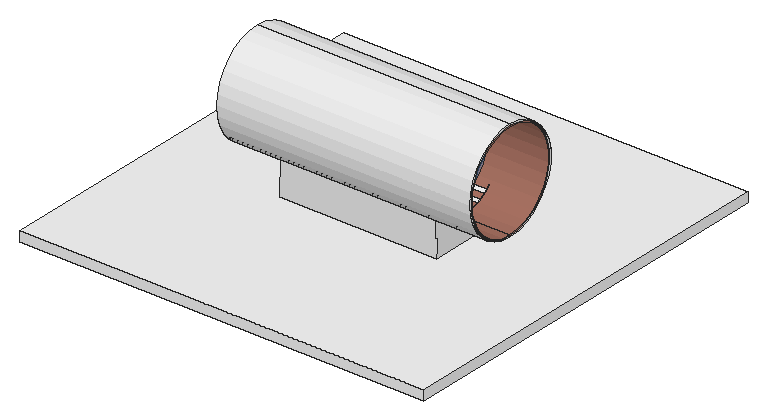
Revit family "BE_51144.6_de_DE", category Leuchten, Revit 2020
Family settings
  Basisbauteil = Fläche
  Bemaßung runder Anschluss = Durchmesser verwenden
  Teiletyp = Normal
  Beim Laden mit Abzugskörper schneiden = Ja
  Lichtquelle = Ja
  Gemeinsam genutzt = Nein
  Raumberechnungspunkt = Ja
Parameters (values of type "BEGA_51144.6_K3")
  built-in parameter 1150104 = 12.727 (stored number, unit not read)
  Wattage = 24.6 W
  Default Elevation = 0 mm
  built-in parameter 1150113 = 1 (stored number, unit not read)
  built-in parameter 1114218 = 1 (stored number, unit not read)
  Umgebungstemperatur = "25 °C"
  URL = "https://www.bega.com/de/produkt/51144.6"
  Typenkommentare = "© 2023 BEGA. Wir behalten uns das Recht vor, technische Änderungen ohne vorherige Ankündigung vorzunehmen."  # constant formula
  built-in parameter 1150134 = (empty or 0)
  built-in parameter 1150109 = 1 (stored number, unit not read)
  Strom = ""
  built-in parameter 1150110 = 1 (stored number, unit not read)
  Spannung = 239.996 V
  Sonderanfertigung = no
  Seriennummer [instance] = "Hier können Sie die eindeutige Seriennummer für das Facility Management eintragen."
  Schutzklasse = "I"
  Schutzart = "IP 20"
  Scheinlast = 0 VA
  Produktdatenblatt = "https://cdn.bega.com/bega/products/51144.6K3/current/documents/data-sheets/de"
  Oberflächentemperatur = ""
  Neigungswinkel = 0.00°
  Modell = "51144.6K3"
  Material_34 = BEGA_Oberfläche_Samtweiss_matt
  Material_29 = BEGA_Oberfläche_Kupfer_matt
  Material_22 = BEGA_Oberfläche_Aluminium_matt
  Material_15 = BEGA_Leuchtmedium_matt
  Material_13 = BEGA_Kunststoff_matt
  M_W = no
  M_G = no
  M_A = no
  Logo = 0
  built-in parameter 1114217 = 1 (stored number, unit not read)
  built-in parameter 1150139 = (empty or 0)
  built-in parameter 1150105 = 268.17 (stored number, unit not read)
  built-in parameter 1150114 = 1 (stored number, unit not read)
  Lumens = 3369.95 lm
  built-in parameter 1150115 = 1 (stored number, unit not read)
  Leuchtenlichtstrom = "1120 lm"
  Leuchtenanzahl = ""
  Lebensdauerkriterien = "L70B50 @ 25 °C = 130000 h"
  Lastklassifizierung = Beleuchtung
  built-in parameter 1150112 = 1 (stored number, unit not read)
  Lampenlichtstrom = "3370 lm"
  Lampe = "LED 24.6 W"
  LED_Modulbezeichnung = "2x LED-0986/930"
  Hersteller = "BEGA"  # constant formula
  Halbstreuwinkel = ""
  Gewicht = "1.15 kg"
  Gebrauchslageneinschränkung [instance] = ""
  Frequenz = "0/50-60 Hz"
  Farbwiedergabeindex = "CRI > 80"
  Farbtemperaturverschiebung bei Dämpfen der Lampe = <Keine Auswahl>
  Farbtemperatur = "3000 K"
  Color Filter = 16777215
  built-in parameter 1150133 = 10 (stored number, unit not read)
  Energieeffizienzklasse = "LED A++ - A"
  built-in parameter 1150137 = (empty or 0)
  built-in parameter 1150132 = (empty or 0)
  ENEC = ""
  Dimmbar [instance] = "DALI"
  Datei für fotometrisches Netz = "BE_51144-6K3.ies"
  CE_Konformität = "ja"
  Bestellnummer = "51144.6K3"
  Beschreibung_Sonderanfertigung = "Hier können Sie Informationen zur Sonderanfertigung eintragen."
  Beschreibung = "Wandleuchte"
  built-in parameter 1150106 = 2.6817 (stored number, unit not read)
  Befestigungsbohrung = "Ø 4,5 mm"
  Befestigungsabstand = "90 x 38 mm"
  Ballwurfsicher = ""
  BEGA_Intern_aus = yes
  BEGA_Intern_an = yes
  BEGA_Intern_Konstruktion = yes
  BEGA_Intern = yes
  BEGA_IES = yes
  BEGA_Dummy = no
  Anschlussleitung = ""
  Anschlussleistung [instance] = "28 W"
  Anschlusskasten = ""
  built-in parameter 1150107 = 3000 (stored number, unit not read)
  built-in parameter 1150102 = (empty or 0)
  built-in parameter 1150138 = (empty or 0)
  Aktualisierung = "2023-01-11T04:00:03"
  Abstand_zur_angestrahlten_Fläche [instance] = ""
  AC/DC = "AC/DC"
Reference planes
  plane 1 "Mitte (Vorne/Hinten)": y = 0
  plane 2: z = 0
  plane 3 "Mitte (Links/Rechts)": x = 0
  plane 4 "Links": x = -125
  plane 5 "Rechts": x = 125
  plane 6 "Unten": y = -50.058
  plane 7 "Oben": y = 50.058
  plane 8 "Vorne": z = 121
  plane 9 "Hinten": z = 0
Forms (mm)
  Extrusion 1, solid, material "BEGA_Platte_Weiss"
    sketch origin (0, -1119.2, 0) x (1, 0, 0) y (0, 1, 0)
      loop
        line (-200, 1319.2) -> (-200, 919.2) -> (200, 919.2) -> (200, 1319.2) -> (-200, 1319.2)
    from 0 to -10
  Extrusion 2, solid, material "BEGA_Dummy_matt", visible <- "BEGA_Dummy"
    sketch origin (80.095, -76.023, 0) x (1, 0, 0) y (0, 1, 0)
      loop
        line (-205.095, 126.082) -> (-205.095, 25.965) -> (44.905, 25.965) -> (44.905, 126.082) -> (-205.095, 126.082)
    from 0 to 121
Dimensions and locks
  plane 1 "Mitte (Vorne/Hinten)" to Extrusion 1 = 200 mm
  aligned and locked: Extrusion 1 to plane 2
  aligned and locked: level to Extrusion 1
Nested families
  nested 1: "BE_51144.6_Leuchte" at (0, 0, 0), type "BE_51144.6_Leuchte"
Connectors
  electrical at (0, 0, 0), driven by "Lastklassifizierung", driven by "Spannung", driven by "Scheinlast"
    settings: index 1, voltage 239.996 V, apparent load 0 VA, apparent load phase1 0 VA, apparent load phase2 0 VA, apparent load phase3 0 VA, power factor 1, load classification "Beleuchtung", number of poles 1, system type 31, power factor state 1, is connector primary yes, connector utility no, sub classification motor no, connector description ""
Definition of nested family "BE_51144.6_Leuchte"
  Parameters (values of type "BE_51144.6_Leuchte")
    Default Elevation = 1 mm
    URL = "http://www.bega.de/de/produkt"
    Type Comments = "© 2015 BEGA. Wir behalten uns das Recht vor, technische Änderungen ohne vorherige Ankündigung vorzunehmen. "  # constant formula
    Type Image = (empty or 0)
    Material_34 = none
    Material_29 = none
    Material_22 = none
    Material_15 = none
    Material_13 = none
    Länge_Platte = 200 mm  # constant formula
    Höhe_Platte = -10 mm  # constant formula
    Manufacturer = "BEGA"  # constant formula
    Breite_Platte = 200 mm  # constant formula
  Reference planes
    plane 1 "Mitte (Oben/Unten)": y = 0
    plane 2: z = 0
    plane 3 "Mitte (Links/Rechts)": x = 0
    plane 4: x = 125
    plane 5: x = -125
    plane 6: z = 121
    plane 7: z = 0
    plane 8: z = 0
    plane 9: y = -50.058
    plane 10: y = 50.058
  Forms (mm)
    Extrusion 1, solid, detail levels medium
      sketch origin (0, 0, 0) x (1, 0, 0) y (0, 1, 0)
        loop
          line (-100, 100) -> (-100, -100) -> (100, -100) -> (100, 100) -> (-100, 100)
      from 0 to -10 <- "Höhe_Platte"
    Extrusion 2, solid
      sketch origin (0, 0, 0) x (1, 0, 0) y (0, 0, 1)
        loop
          line (62.457, 5.5) -> (-65.543, 5.5) -> (-70.493, 10.45) -> (-71.907, 9.036) -> (-66.957, 4.086)
          arc (-66.957, 4.086) -> (-66.308, 3.652) -> (-65.543, 3.5) r 2
          line (-65.543, 3.5) -> (-61.043, 3.5) -> (-59.828, 1.097)
          arc (-59.828, 1.097) -> (-59.09, 0.296) -> (-58.043, 0) r 2
          line (-58.043, 0) -> (-54.043, 0)
          arc (-54.043, 0) -> (-52.992, 0.299) -> (-52.254, 1.105) r 2
          line (-52.254, 1.105) -> (-51.043, 3.5) -> (47.957, 3.5) -> (49.172, 1.097)
          arc (49.172, 1.097) -> (49.909, 0.296) -> (50.957, 0) r 2
          line (50.957, 0) -> (54.957, 0)
          arc (54.957, 0) -> (56.005, 0.296) -> (56.742, 1.097) r 2
          line (56.742, 1.097) -> (57.957, 3.5) -> (62.457, 3.5)
          arc (62.457, 3.5) -> (63.226, 3.654) -> (63.877, 4.092) r 2
          line (63.877, 4.092) -> (69.421, 9.636) -> (68.007, 11.05) -> (62.457, 5.5)
      from -28.034 to 28.034
    Extrusion 3, void
      sketch origin (0, 0, 0) x (1, 0, 0) y (0, 1, 0)
        loop
          arc (41.043, 7.018) -> (35.534, 12.5) -> (30.043, 7) r 5.5
          line (30.043, 7) -> (30.043, -7)
          arc (30.043, -7) -> (35.552, -12.5) -> (41.043, -6.982) r 5.5
          line (41.043, -6.982) -> (41.043, 7.018)
        loop
          arc (49.293, -17.25) -> (47.043, -15) -> (44.793, -17.25) r 2.25
          line (44.793, -17.25) -> (44.793, -20.75)
          arc (44.793, -20.75) -> (47.043, -23) -> (49.293, -20.75) r 2.25
          line (49.293, -20.75) -> (49.293, -17.25)
        loop
          arc (-44.207, 21.25) -> (-46.457, 19) -> (-44.207, 16.75) r 2.25
          line (-44.207, 16.75) -> (-40.707, 16.75)
          arc (-40.707, 16.75) -> (-38.457, 19) -> (-40.707, 21.25) r 2.25
          line (-40.707, 21.25) -> (-44.207, 21.25)
      from 0 to 11.05
    Extrusion 4, solid
      sketch origin (0, 0, 0) x (1, 0, 0) y (0, 0, 1)
        loop
          line (78.36, 0) -> (77.7, 37.817) -> (-75.7, 37.817) -> (-76.36, 0) -> (-73.221, 0) -> (-72.569, 18.662) -> (72.959, 18.662) -> (73.611, 0) -> (78.36, 0)
      from -32.994 to 32.954
    Extrusion 5, solid
      sketch origin (0, 0, 0) x (1, 0, 0) y (0, 0, 1)
        loop
          line (72.959, 18.662) -> (-72.569, 18.662) -> (-73.221, 0) -> (73.611, 0) -> (72.959, 18.662)
      from -32.994 to -30.064
    Extrusion 6, solid
      sketch origin (0, 0, 0) x (1, 0, 0) y (0, 0, -1)
        loop
          line (72.959, -18.662) -> (73.611, 0) -> (-73.221, 0) -> (-72.569, -18.662) -> (72.959, -18.662)
      from -32.954 to -30.064
    Revolve 7, solid, material <- "Material_29"
      sketch origin (0, 0, 0) x (1, 0, 0) y (0, 0, 1)
        loop
          line (125, 21.954) -> (125, 23) -> (-125, 23) -> (-125, 21.954) -> (125, 21.954)
        axis (125, 71) -> (-125, 71)
      angle from 0 to 360
    Revolve 8, solid, material <- "Material_34"
      sketch origin (0, 0, 0) x (1, 0, 0) y (0, 0, 1)
        loop
          line (-125, 21) -> (125, 21) -> (125, 21.953) -> (-125, 21.953) -> (-125, 21)
        axis (125, 71) -> (-125, 71)
      angle from 0 to 360
    Extrusion 9, void
      sketch origin (0, 0, 0) x (0, 1, 0) y (0, 0, 1)
        loop
          circle (0, 71) r 48
      from 0 to 250
    Extrusion 10, void
      sketch origin (0, 0, 0) x (0, 1, 0) y (0, 0, 1)
        loop
          circle (0, 71) r 48
      from -125 to 125
    Extrusion 11, solid, material <- "Material_22"
      sketch origin (0, 0, 0.06) x (0, 1, 0) y (0, 0, 1)
        loop
          arc (15, 106.127) -> (0, 109.213) -> (-15, 106.127) r 38
          line (-15, 106.127) -> (-15, 59.162) -> (-22.5, 59.162)
          arc (-22.5, 59.162) -> (-24.621, 58.283) -> (-25.5, 56.162) r 3
          line (-25.5, 56.162) -> (-25.5, 42.162)
          arc (-25.5, 42.162) -> (-24.621, 40.04) -> (-22.5, 39.162) r 3
          line (-22.5, 39.162) -> (-22.5, 28.6)
          arc (-22.5, 28.6) -> (-11.593, 24.421) -> (0, 23) r 48
          arc (0, 23) -> (11.593, 24.421) -> (22.5, 28.6) r 48
          line (22.5, 28.6) -> (22.5, 39.162)
          arc (22.5, 39.162) -> (24.621, 40.04) -> (25.5, 42.162) r 3
          line (25.5, 42.162) -> (25.5, 56.162)
          arc (25.5, 56.162) -> (24.621, 58.283) -> (22.5, 59.162) r 3
          line (22.5, 59.162) -> (15, 59.162) -> (15, 106.127)
      from 50.5 to 53.5
    Extrusion 12, solid, material <- "Material_22"
      sketch origin (0, 0, 0.06) x (0, 1, 0) y (0, 0, -1)
        loop
          line (15, -106.127) -> (15, -59.162) -> (22.5, -59.162)
          arc (22.5, -59.162) -> (24.621, -58.283) -> (25.5, -56.162) r 3
          line (25.5, -56.162) -> (25.5, -42.162)
          arc (25.5, -42.162) -> (24.621, -40.04) -> (22.5, -39.162) r 3
          line (22.5, -39.162) -> (22.5, -28.6)
          arc (22.5, -28.6) -> (11.593, -24.421) -> (0, -23) r 48
          arc (0, -23) -> (-11.593, -24.421) -> (-22.5, -28.6) r 48
          line (-22.5, -28.6) -> (-22.5, -39.162)
          arc (-22.5, -39.162) -> (-24.621, -40.04) -> (-25.5, -42.162) r 3
          line (-25.5, -42.162) -> (-25.5, -56.162)
          arc (-25.5, -56.162) -> (-24.621, -58.283) -> (-22.5, -59.162) r 3
          line (-22.5, -59.162) -> (-15, -59.162) -> (-15, -106.127)
          arc (-15, -106.127) -> (0, -109.213) -> (15, -106.127) r 38
      from 50.5 to 53.5
    Revolve 13, solid, material <- "Material_15"
      sketch origin (0, 0, 0) x (1, 0, 0) y (0, 0, 1)
        loop
          line (-55.05, 71) -> (-53.5, 71) -> (-53.5, 76) -> (-55.05, 76) -> (-55.05, 71)
        axis (-53.5, 71) -> (-55.05, 71)
      angle from 0 to 360
    Revolve 14, solid, material <- "Material_15"
      sketch origin (0, 0, 0) x (-1, 0, 0) y (0, 0, 1)
        loop
          line (-55.05, 71) -> (-53.5, 71) -> (-53.5, 76) -> (-55.05, 76) -> (-55.05, 71)
        axis (-53.5, 71) -> (-55.05, 71)
      angle from 0 to 360
    Revolve 15, solid, material <- "Material_13"
      sketch origin (0, 0, 0) x (1, 0, 0) y (0, 0, 1)
        loop
          line (65.5, 118.5) -> (60.5, 118.5) -> (60.5, 71) -> (65.5, 71) -> (65.5, 118.5)
        axis (65.5, 71) -> (60.5, 71)
      angle from 0 to 360
    Revolve 16, solid, material <- "Material_13"
      sketch origin (0, 0, 0) x (-1, 0, 0) y (0, 0, 1)
        loop
          line (65.5, 118.5) -> (60.5, 118.5) -> (60.5, 71) -> (65.5, 71) -> (65.5, 118.5)
        axis (65.5, 71) -> (60.5, 71)
      angle from 0 to 360
  Cuts and joins
    Extrusion 3 cuts Extrusion 2
    Extrusion 9, Extrusion 10 cuts Extrusion 4
    Extrusion 9, Extrusion 10 cuts Extrusion 5
    Extrusion 9, Extrusion 10 cuts Extrusion 6
    joined: Extrusion 4, Extrusion 5, Extrusion 6
    Extrusion 9, Extrusion 10 cuts Revolve 7
  Dimensions and locks
    equal spacing: Extrusion 1 sketch curve, plane 3 "Mitte (Links/Rechts)", Extrusion 1 sketch curve
    equal spacing: Extrusion 1 sketch curve, plane 1 "Mitte (Oben/Unten)", Extrusion 1 sketch curve
    "Länge_Platte": Extrusion 1 sketch curve to Extrusion 1 sketch curve
    "Breite_Platte": Extrusion 1 sketch curve to Extrusion 1 sketch curve
    plane 1 "Mitte (Oben/Unten)" to Extrusion 1 = 100 mm  (x3)
    aligned and locked: plane 2 to Extrusion 1
    aligned and locked: level to Extrusion 1
  Automatic sketch dimensions
    Extrusion 2 sketch curve to level = 0 mm  (x2)
    level to Extrusion 2 sketch curve = 9.036 mm
    Extrusion 2 sketch curve to plane 3 "Mitte (Links/Rechts)" = 71.907 mm
    level to Extrusion 2 sketch curve = 10.45 mm
    Extrusion 2 sketch curve to Extrusion 2 sketch curve = 1.414 mm  (x3)
    Extrusion 2 sketch curve to Extrusion 2 sketch curve = 4.95 mm
    Extrusion 2 sketch curve to Extrusion 2 sketch curve = 0 mm  (x7)
    Extrusion 2 sketch curve to Extrusion 2 sketch curve = 4.5 mm  (x2)
    Extrusion 2 sketch curve to Extrusion 2 sketch curve = 3 mm  (x3)
    level to Extrusion 2 sketch curve = 2 mm
    Extrusion 2 sketch curve to Extrusion 2 sketch curve = 4 mm  (x2)
    level to Extrusion 2 sketch curve = 1.105 mm
    level to Extrusion 2 sketch curve = 3.5 mm
    Extrusion 2 sketch curve to Extrusion 2 sketch curve = 1.211 mm
    plane 3 "Mitte (Links/Rechts)" to Extrusion 2 sketch curve = 47.957 mm
    level to Extrusion 2 sketch curve = 4.092 mm
    Extrusion 2 sketch curve to Extrusion 2 sketch curve = 1.42 mm
    level to Extrusion 2 sketch curve = 11.05 mm
    Extrusion 2 sketch curve to Extrusion 2 sketch curve = 5.55 mm
    level to Extrusion 2 sketch curve = 9.636 mm
    Extrusion 2 sketch curve to Extrusion 2 sketch curve = 2 mm  (x4)
    Extrusion 2 sketch curve to Extrusion 2 sketch curve = 1.5 mm  (x2)
    level to Extrusion 2 sketch curve = 4.086 mm
    level to Extrusion 2 sketch curve = 1.097 mm  (x4)
    Extrusion 2 sketch curve to Extrusion 2 sketch curve = 1.785 mm  (x2)
    Extrusion 3 sketch curve to plane 1 "Mitte (Oben/Unten)" = 16.75 mm
    Extrusion 3 sketch curve to plane 3 "Mitte (Links/Rechts)" = 44.207 mm
    Extrusion 3 sketch curve to Extrusion 3 sketch curve = 3.5 mm  (x2)
    Extrusion 3 sketch curve to plane 1 "Mitte (Oben/Unten)" = 7 mm
    plane 3 "Mitte (Links/Rechts)" to Extrusion 3 sketch curve = 30.043 mm
    Extrusion 3 sketch curve to Extrusion 3 sketch curve = 5.5 mm  (x3)
    Extrusion 3 sketch curve to Extrusion 3 sketch curve = 3.75 mm
    Extrusion 3 sketch curve to Extrusion 3 sketch curve = 2.25 mm  (x2)
    plane 1 "Mitte (Oben/Unten)" to Extrusion 3 sketch curve = 6.982 mm
    Extrusion 3 sketch curve to Extrusion 3 sketch curve = 10.268 mm
    Extrusion 4 sketch curve to level = 0 mm  (x2)
    Extrusion 4 sketch curve to plane 3 "Mitte (Links/Rechts)" = 76.36 mm
    level to Extrusion 4 sketch curve = 37.817 mm
    Extrusion 4 sketch curve to Extrusion 4 sketch curve = 0.66 mm
    Extrusion 4 sketch curve to Extrusion 4 sketch curve = 3.14 mm
    level to Extrusion 4 sketch curve = 18.662 mm
    Extrusion 4 sketch curve to Extrusion 4 sketch curve = 0.652 mm  (x2)
    plane 3 "Mitte (Links/Rechts)" to Extrusion 4 sketch curve = 72.959 mm
    Extrusion 4 sketch curve to Extrusion 4 sketch curve = 4.741 mm
    Extrusion 4 sketch curve to Extrusion 4 sketch curve = 4.749 mm
    Extrusion 5 sketch curve to level = 0 mm
    Extrusion 5 sketch curve to plane 3 "Mitte (Links/Rechts)" = 73.221 mm
    Extrusion 5 sketch curve to Extrusion 5 sketch curve = 0.652 mm  (x2)
    level to Extrusion 5 sketch curve = 18.662 mm
    plane 3 "Mitte (Links/Rechts)" to Extrusion 5 sketch curve = 72.959 mm
    Extrusion 6 sketch curve to level = 0 mm
    Extrusion 6 sketch curve to plane 3 "Mitte (Links/Rechts)" = 73.221 mm
    Extrusion 6 sketch curve to Extrusion 6 sketch curve = 0.652 mm  (x2)
    level to Extrusion 6 sketch curve = 18.662 mm
    plane 3 "Mitte (Links/Rechts)" to Extrusion 6 sketch curve = 72.959 mm
    level to Revolve 7 sketch curve = 21.954 mm
    Revolve 7 sketch curve to plane 3 "Mitte (Links/Rechts)" = 125 mm
    plane 3 "Mitte (Links/Rechts)" to Revolve 7 sketch curve = 125 mm
    Revolve 7 sketch curve to Revolve 7 sketch curve = 1.046 mm
    Revolve 7 sketch curve to Revolve 7 sketch curve = 2 mm  (x2)
    Revolve 7 sketch curve to Revolve 7 sketch curve = 48 mm
    level to Revolve 8 sketch curve = 21 mm
    Revolve 8 sketch curve to plane 3 "Mitte (Links/Rechts)" = 125 mm
    plane 3 "Mitte (Links/Rechts)" to Revolve 8 sketch curve = 125 mm
    Revolve 8 sketch curve to Revolve 8 sketch curve = 0.953 mm
    Revolve 8 sketch curve to Revolve 8 sketch curve = 2 mm  (x2)
    Revolve 8 sketch curve to Revolve 8 sketch curve = 49.047 mm
    Extrusion 9 sketch curve to Extrusion 9 sketch curve = 0 mm  (x2)
    Extrusion 9 sketch curve to plane 1 "Mitte (Oben/Unten)" = 0 mm
    level to Extrusion 9 sketch curve = 71 mm
    level to Extrusion 9 sketch curve = 23 mm
    Extrusion 10 sketch curve to Extrusion 10 sketch curve = 0 mm  (x2)
    Extrusion 10 sketch curve to plane 1 "Mitte (Oben/Unten)" = 0 mm
    level to Extrusion 10 sketch curve = 71 mm
    level to Extrusion 10 sketch curve = 23 mm
    Extrusion 11 sketch curve to Extrusion 11 sketch curve = 0 mm  (x3)
    Extrusion 11 sketch curve to plane 1 "Mitte (Oben/Unten)" = 0 mm  (x2)
    plane 1 "Mitte (Oben/Unten)" to Extrusion 11 sketch curve = 15 mm
    Extrusion 11 sketch curve to Extrusion 11 sketch curve = 7.5 mm  (x3)
    Extrusion 11 sketch curve to Extrusion 11 sketch curve = 3 mm  (x2)
    Extrusion 11 sketch curve to plane 1 "Mitte (Oben/Unten)" = 15 mm
    level to Extrusion 11 sketch curve = 28.66 mm
    Extrusion 11 sketch curve to Extrusion 11 sketch curve = 10.561 mm  (x2)
    Extrusion 11 sketch curve to Extrusion 11 sketch curve = 14 mm  (x2)
    Extrusion 11 sketch curve to Extrusion 11 sketch curve = 11.838 mm
    Extrusion 11 sketch curve to Extrusion 11 sketch curve = 0.213 mm
    Extrusion 11 sketch curve to Extrusion 11 sketch curve = 34.914 mm
    Extrusion 12 sketch curve to Extrusion 12 sketch curve = 0 mm  (x3)
    Extrusion 12 sketch curve to plane 1 "Mitte (Oben/Unten)" = 0 mm  (x2)
    plane 1 "Mitte (Oben/Unten)" to Extrusion 12 sketch curve = 15 mm
    Extrusion 12 sketch curve to Extrusion 12 sketch curve = 7.5 mm  (x3)
    Extrusion 12 sketch curve to Extrusion 12 sketch curve = 3 mm  (x2)
    Extrusion 12 sketch curve to plane 1 "Mitte (Oben/Unten)" = 15 mm
    level to Extrusion 12 sketch curve = 106.187 mm
    Extrusion 12 sketch curve to Extrusion 12 sketch curve = 34.914 mm
    Extrusion 12 sketch curve to Extrusion 12 sketch curve = 0.213 mm
    Extrusion 12 sketch curve to Extrusion 12 sketch curve = 11.838 mm  (x2)
    Extrusion 12 sketch curve to Extrusion 12 sketch curve = 14 mm  (x2)
    Extrusion 12 sketch curve to Extrusion 12 sketch curve = 10.561 mm
    Revolve 13 sketch curve to plane 3 "Mitte (Links/Rechts)" = 55.05 mm
    Revolve 13 sketch curve to Revolve 13 sketch curve = 1.55 mm
    level to Revolve 13 sketch curve = 71 mm  (x2)
    Revolve 13 sketch curve to Revolve 13 sketch curve = 5 mm
    Revolve 13 sketch curve to Revolve 13 sketch curve = 71.95 mm
    plane 3 "Mitte (Links/Rechts)" to Revolve 13 sketch curve = 127 mm
    Revolve 14 sketch curve to plane 3 "Mitte (Links/Rechts)" = 55.05 mm
    Revolve 14 sketch curve to Revolve 14 sketch curve = 1.55 mm
    Revolve 14 sketch curve to level = 71 mm  (x2)
    Revolve 14 sketch curve to Revolve 14 sketch curve = 5 mm
    Revolve 14 sketch curve to Revolve 14 sketch curve = 71.95 mm
    plane 3 "Mitte (Links/Rechts)" to Revolve 14 sketch curve = 127 mm
    plane 3 "Mitte (Links/Rechts)" to Revolve 15 sketch curve = 60.5 mm
    Revolve 15 sketch curve to Revolve 15 sketch curve = 5 mm
    level to Revolve 15 sketch curve = 71 mm
    Revolve 15 sketch curve to Revolve 15 sketch curve = 47.5 mm
    Revolve 15 sketch curve to plane 3 "Mitte (Links/Rechts)" = 127 mm
    Revolve 15 sketch curve to Revolve 15 sketch curve = 61.5 mm
    Revolve 15 sketch curve to Revolve 15 sketch curve = 0 mm
    plane 3 "Mitte (Links/Rechts)" to Revolve 16 sketch curve = 60.5 mm
    Revolve 16 sketch curve to Revolve 16 sketch curve = 5 mm
    Revolve 16 sketch curve to level = 71 mm
    Revolve 16 sketch curve to Revolve 16 sketch curve = 47.5 mm
    Revolve 16 sketch curve to plane 3 "Mitte (Links/Rechts)" = 127 mm
    Revolve 16 sketch curve to Revolve 16 sketch curve = 61.5 mm
    Revolve 16 sketch curve to Revolve 16 sketch curve = 0 mm
